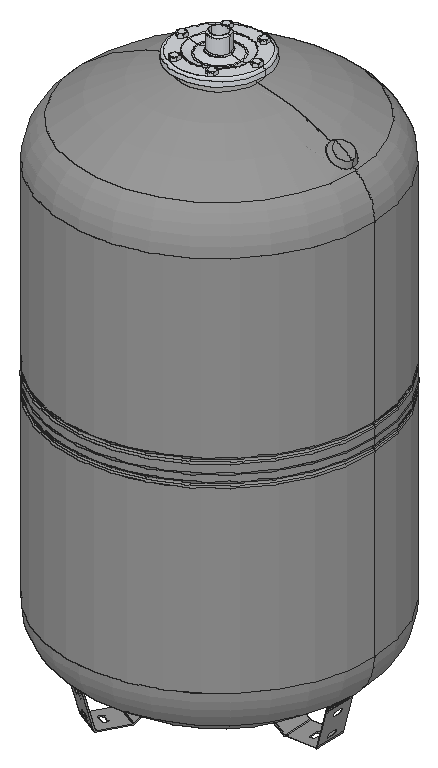
Revit family "WRV 150", category Оборудование, Revit 2014
Parameters
  Описание = "Мембранный бак для отопления V=150л, Py=5бар, 1\""
  Материал крышки = Черная резина
  Материал = Красная краска
  Масса кг = "17.2"
  Крышка [instance] = yes
  Комментарии к типоразмеру = "WRV 150"
  Изготовитель = "WESTER"  # constant formula
  URL = "http://www.wester.su/"
Reference planes
  plane 1 "По центру (Вперед/Назад)": y = 0
  plane 2: z = 0
  plane 3 "По центру (Влево/Вправо)": x = 0
Forms (mm)
  Revolve 1, solid, material "Красная краска" <- "Материал"
    sketch origin (-161.5, 0, 589.588) x (0, 0, -1) y (1, 0, 0)
      loop
        line (444.423, 408.998) -> (152.085, 408.998)
        arc (152.085, 408.998) -> (150.603, 408.601) -> (149.517, 407.515) r 2.965
        arc (149.517, 407.515) -> (147.356, 406.268) -> (145.195, 407.515) r 2.495
        arc (145.195, 407.515) -> (144.096, 408.601) -> (142.603, 408.998) r 3.007
        line (142.603, 408.998) -> (132.482, 408.998)
        arc (132.482, 408.998) -> (131.416, 409.332) -> (130.349, 408.998) r 1.869
        line (130.349, 408.998) -> (118.095, 408.998)
        arc (118.095, 408.998) -> (116.602, 408.601) -> (115.503, 407.515) r 3.007
        arc (115.503, 407.515) -> (113.342, 406.268) -> (111.181, 407.515) r 2.495
        arc (111.181, 407.515) -> (110.096, 408.601) -> (108.613, 408.998) r 2.965
        line (108.613, 408.998) -> (-175.723, 408.998)
        arc (-175.723, 408.998) -> (-210.578, 401.001) -> (-238.462, 378.61) r 79.961
        arc (-238.462, 378.61) -> (-283.327, 304.717) -> (-308.842, 222.123) r 352.221
        line (-308.842, 222.123) -> (-321.955, 209.009) -> (-321.955, 161.5) -> (581.778, 161.5) -> (581.778, 184.997)
        arc (581.778, 184.997) -> (559.137, 287.482) -> (507.122, 378.644) r 349.909
        arc (507.122, 378.644) -> (479.253, 401.01) -> (444.423, 408.998) r 79.932
      axis (-321.955, 161.5) -> (581.778, 161.5)
    angle from 0 to 360
  Revolve 2, solid
    sketch origin (0, 0, 644.484) x (1, 0, 0) y (0, 0, 1)
      loop
        line (0, 267.059) -> (69.996, 267.059) -> (69.996, 268.559) -> (73.753, 268.559) -> (73.151, 275.443)
        arc (73.151, 275.443) -> (71.956, 278.131) -> (69.36, 279.516) r 4.524
        line (69.36, 279.516) -> (48.486, 279.516)
        arc (48.486, 279.516) -> (47.948, 279.469) -> (47.425, 279.329) r 3.112
        line (47.425, 279.329) -> (35.297, 275.272)
        arc (35.297, 275.272) -> (34.006, 275.061) -> (32.715, 275.272) r 4.069
        line (32.715, 275.272) -> (19.199, 279.345)
        arc (19.199, 279.345) -> (18.587, 279.478) -> (17.962, 279.515) r 4.016
        arc (17.962, 279.515) -> (17.646, 280.767) -> (16.627, 281.561) r 1.989
        line (16.627, 281.561) -> (16.627, 305.062) -> (14.134, 307.555) -> (13.354, 307.555) -> (13.354, 279.516) -> (0, 279.516) -> (0, 267.059)
      axis (0, 307.555) -> (0, 267.059)
    angle from 0 to 360
  Revolve 3, solid
    sketch origin (-180.397, 0, 297.854) x (0.824126, 0, -0.566406) y (0.566406, 0, 0.824126)
      loop
        line (-3.985, 668.015) -> (-3.985, 656.503) -> (-5.516, 656.503) -> (-5.516, 652.003) -> (0, 652.003) -> (0, 665.157) -> (-1.586, 665.157) -> (-2.15, 665.72) -> (-2.15, 669.003) -> (-2.997, 669.003) -> (-3.985, 668.015)
      axis (0, 669.003) -> (0, 652.003)
    angle from 0 to 360
  Revolve 4, solid, material "Черная резина" <- "Материал крышки", visible <- "Крышка"
    sketch origin (-180.397, 0, 297.854) x (0.824126, 0, -0.566406) y (0.566406, 0, 0.824126)
      loop
        line (0, 652.003) -> (0, 670.119) -> (-16.18, 670.119) -> (-21.758, 662.442) -> (-7.391, 652.003) -> (0, 652.003)
      axis (0, 670.119) -> (0, 652.003)
    angle from 0 to 360
  Revolve 5, void
    sketch origin (448.019, 0, 781.506) x (-0.430511, 0, 0.902585) y (-0.902585, 0, -0.430511)
      loop
        line (153.8, 207.184) -> (147.466, 193.322)
        arc (147.466, 193.322) -> (145.41, 190.073) -> (142.56, 187.491) r 14.244
        line (142.56, 187.491) -> (143.693, 184.471) -> (167.312, 198.108) -> (160.004, 210.765) -> (153.8, 207.184)
      axis (167.312, 198.108) -> (160.004, 210.765)
    angle from 0 to 360
  Extrusion 6, solid, material "Красная краска" <- "Материал"
    sketch origin (0, 0, 0) x (1, 0, 0) y (0, 0, 1)
      loop
        arc (192.133, 62.562) -> (192.393, 63.087) -> (192.833, 63.472) r 1.5
        line (192.833, 63.472) -> (193.702, 63.973) -> (193.103, 65.012) -> (192.234, 64.512)
        arc (192.234, 64.512) -> (191.441, 63.818) -> (190.974, 62.874) r 2.7
        line (190.974, 62.874) -> (190.004, 59.268)
        arc (190.004, 59.268) -> (189.931, 58.347) -> (190.194, 57.46) r 2.532
        arc (190.194, 57.46) -> (190.327, 56.964) -> (190.282, 56.451) r 1.476
        line (190.282, 56.451) -> (175.914, 3.05)
        arc (175.914, 3.05) -> (175.021, 1.716) -> (173.5, 1.2) r 2.5
        line (173.5, 1.2) -> (125.187, 1.2)
        arc (125.187, 1.2) -> (124.385, 1.332) -> (123.667, 1.714) r 2.5
        line (123.667, 1.714) -> (104.898, 16.075)
        arc (104.898, 16.075) -> (104.548, 16.455) -> (104.348, 16.931) r 1.494
        arc (104.348, 16.931) -> (103.975, 17.828) -> (103.317, 18.543) r 2.802
        line (103.317, 18.543) -> (100.61, 20.615)
        arc (100.61, 20.615) -> (99.318, 21.148) -> (97.932, 20.963) r 2.7
        line (97.932, 20.963) -> (97.026, 20.586) -> (97.487, 19.478) -> (98.393, 19.855)
        arc (98.393, 19.855) -> (99.163, 19.958) -> (99.881, 19.662) r 1.5
        line (99.881, 19.662) -> (102.57, 17.604)
        arc (102.57, 17.604) -> (102.955, 17.175) -> (103.179, 16.645) r 1.744
        arc (103.179, 16.645) -> (103.542, 15.798) -> (104.168, 15.122) r 2.709
        line (104.168, 15.122) -> (122.938, 0.761)
        arc (122.938, 0.761) -> (124, 0.196) -> (125.187, 0) r 3.7
        line (125.187, 0) -> (173.5, 0)
        arc (173.5, 0) -> (175.751, 0.763) -> (177.073, 2.739) r 3.7
        line (177.073, 2.739) -> (191.441, 56.14)
        arc (191.441, 56.14) -> (191.515, 57.075) -> (191.248, 57.974) r 2.566
        arc (191.248, 57.974) -> (191.103, 58.517) -> (191.194, 59.071) r 1.338
        line (191.194, 59.071) -> (192.133, 62.562)
    from -24.996 to 25.004
  Extrusion 7, void
    sketch origin (0, 0, 0) x (0, 1, 0) y (0, 0, 1)
      loop
        line (-5.504, 40.466) -> (5.496, 40.466)
        arc (5.496, 40.466) -> (9.998, 44.968) -> (5.496, 49.469) r 4.502
        line (5.496, 49.469) -> (-5.504, 49.469)
        arc (-5.504, 49.469) -> (-10.006, 44.968) -> (-5.504, 40.466) r 4.502
      loop
        line (-5.504, 7.374) -> (5.496, 7.374)
        arc (5.496, 7.374) -> (9.998, 11.876) -> (5.496, 16.377) r 4.502
        line (5.496, 16.377) -> (-5.504, 16.377)
        arc (-5.504, 16.377) -> (-10.006, 11.876) -> (-5.504, 7.374) r 4.502
    from 169.993 to 198.693
  Extrusion 8, void
    sketch origin (0, 0, 0) x (1, 0, 0) y (0, 1, 0)
      loop
        arc (159.5, 5.496) -> (155, 9.996) -> (150.5, 5.496) r 4.5
        line (150.5, 5.496) -> (150.5, -5.504)
        arc (150.5, -5.504) -> (155, -10.004) -> (159.5, -5.504) r 4.5
        line (159.5, -5.504) -> (159.5, 5.496)
    from 0 to 9.185
  Extrusion 9, solid, material "Красная краска" <- "Материал"
    sketch origin (0.003, -0.006, 0) x (-0.5, -0.866025, 0) y (0, 0, 1)
      loop
        arc (192.133, 62.562) -> (192.393, 63.087) -> (192.833, 63.472) r 1.5
        line (192.833, 63.472) -> (193.702, 63.973) -> (193.103, 65.012) -> (192.234, 64.512)
        arc (192.234, 64.512) -> (191.441, 63.818) -> (190.974, 62.874) r 2.7
        line (190.974, 62.874) -> (190.004, 59.268)
        arc (190.004, 59.268) -> (189.931, 58.347) -> (190.194, 57.46) r 2.532
        arc (190.194, 57.46) -> (190.327, 56.964) -> (190.282, 56.451) r 1.476
        line (190.282, 56.451) -> (175.914, 3.05)
        arc (175.914, 3.05) -> (175.021, 1.716) -> (173.5, 1.2) r 2.5
        line (173.5, 1.2) -> (125.187, 1.2)
        arc (125.187, 1.2) -> (124.385, 1.332) -> (123.667, 1.714) r 2.5
        line (123.667, 1.714) -> (104.898, 16.075)
        arc (104.898, 16.075) -> (104.548, 16.455) -> (104.348, 16.931) r 1.494
        arc (104.348, 16.931) -> (103.975, 17.828) -> (103.317, 18.543) r 2.802
        line (103.317, 18.543) -> (100.61, 20.615)
        arc (100.61, 20.615) -> (99.318, 21.148) -> (97.932, 20.963) r 2.7
        line (97.932, 20.963) -> (97.026, 20.586) -> (97.487, 19.478) -> (98.393, 19.855)
        arc (98.393, 19.855) -> (99.163, 19.958) -> (99.881, 19.662) r 1.5
        line (99.881, 19.662) -> (102.57, 17.604)
        arc (102.57, 17.604) -> (102.955, 17.175) -> (103.179, 16.645) r 1.744
        arc (103.179, 16.645) -> (103.542, 15.798) -> (104.168, 15.122) r 2.709
        line (104.168, 15.122) -> (122.938, 0.761)
        arc (122.938, 0.761) -> (124, 0.196) -> (125.187, 0) r 3.7
        line (125.187, 0) -> (173.5, 0)
        arc (173.5, 0) -> (175.751, 0.763) -> (177.073, 2.739) r 3.7
        line (177.073, 2.739) -> (191.441, 56.14)
        arc (191.441, 56.14) -> (191.515, 57.075) -> (191.248, 57.974) r 2.566
        arc (191.248, 57.974) -> (191.103, 58.517) -> (191.194, 59.071) r 1.338
        line (191.194, 59.071) -> (192.133, 62.562)
    from -24.996 to 25.004
  Extrusion 10, solid, material "Красная краска" <- "Материал"
    sketch origin (-0.003, -0.006, 0) x (-0.5, 0.866025, 0) y (0, 0, 1)
      loop
        arc (192.133, 62.562) -> (192.393, 63.087) -> (192.833, 63.472) r 1.5
        line (192.833, 63.472) -> (193.702, 63.973) -> (193.103, 65.012) -> (192.234, 64.512)
        arc (192.234, 64.512) -> (191.441, 63.818) -> (190.974, 62.874) r 2.7
        line (190.974, 62.874) -> (190.004, 59.268)
        arc (190.004, 59.268) -> (189.931, 58.347) -> (190.194, 57.46) r 2.532
        arc (190.194, 57.46) -> (190.327, 56.964) -> (190.282, 56.451) r 1.476
        line (190.282, 56.451) -> (175.914, 3.05)
        arc (175.914, 3.05) -> (175.021, 1.716) -> (173.5, 1.2) r 2.5
        line (173.5, 1.2) -> (125.187, 1.2)
        arc (125.187, 1.2) -> (124.385, 1.332) -> (123.667, 1.714) r 2.5
        line (123.667, 1.714) -> (104.898, 16.075)
        arc (104.898, 16.075) -> (104.548, 16.455) -> (104.348, 16.931) r 1.494
        arc (104.348, 16.931) -> (103.975, 17.828) -> (103.317, 18.543) r 2.802
        line (103.317, 18.543) -> (100.61, 20.615)
        arc (100.61, 20.615) -> (99.318, 21.148) -> (97.932, 20.963) r 2.7
        line (97.932, 20.963) -> (97.026, 20.586) -> (97.487, 19.478) -> (98.393, 19.855)
        arc (98.393, 19.855) -> (99.163, 19.958) -> (99.881, 19.662) r 1.5
        line (99.881, 19.662) -> (102.57, 17.604)
        arc (102.57, 17.604) -> (102.955, 17.175) -> (103.179, 16.645) r 1.744
        arc (103.179, 16.645) -> (103.542, 15.798) -> (104.168, 15.122) r 2.709
        line (104.168, 15.122) -> (122.938, 0.761)
        arc (122.938, 0.761) -> (124, 0.196) -> (125.187, 0) r 3.7
        line (125.187, 0) -> (173.5, 0)
        arc (173.5, 0) -> (175.751, 0.763) -> (177.073, 2.739) r 3.7
        line (177.073, 2.739) -> (191.441, 56.14)
        arc (191.441, 56.14) -> (191.515, 57.075) -> (191.248, 57.974) r 2.566
        arc (191.248, 57.974) -> (191.103, 58.517) -> (191.194, 59.071) r 1.338
        line (191.194, 59.071) -> (192.133, 62.562)
    from -24.996 to 25.004
  Extrusion 11, void
    sketch origin (-0.003, -0.006, 0) x (-0.866025, -0.5, 0) y (0, 0, 1)
      loop
        line (-5.504, 40.466) -> (5.496, 40.466)
        arc (5.496, 40.466) -> (9.998, 44.968) -> (5.496, 49.469) r 4.502
        line (5.496, 49.469) -> (-5.504, 49.469)
        arc (-5.504, 49.469) -> (-10.006, 44.968) -> (-5.504, 40.466) r 4.502
      loop
        line (-5.504, 7.374) -> (5.496, 7.374)
        arc (5.496, 7.374) -> (9.998, 11.876) -> (5.496, 16.377) r 4.502
        line (5.496, 16.377) -> (-5.504, 16.377)
        arc (-5.504, 16.377) -> (-10.006, 11.876) -> (-5.504, 7.374) r 4.502
    from 169.993 to 198.693
  Extrusion 12, void
    sketch origin (-0.003, -0.006, 0) x (-0.5, 0.866025, 0) y (-0.866025, -0.5, 0)
      loop
        arc (159.5, 5.496) -> (155, 9.996) -> (150.5, 5.496) r 4.5
        line (150.5, 5.496) -> (150.5, -5.504)
        arc (150.5, -5.504) -> (155, -10.004) -> (159.5, -5.504) r 4.5
        line (159.5, -5.504) -> (159.5, 5.496)
    from 0 to 7.81
  Extrusion 13, void
    sketch origin (0.003, -0.006, 0) x (0.866025, -0.5, 0) y (0, 0, 1)
      loop
        line (-5.504, 40.466) -> (5.496, 40.466)
        arc (5.496, 40.466) -> (9.998, 44.968) -> (5.496, 49.469) r 4.502
        line (5.496, 49.469) -> (-5.504, 49.469)
        arc (-5.504, 49.469) -> (-10.006, 44.968) -> (-5.504, 40.466) r 4.502
      loop
        line (-5.504, 7.374) -> (5.496, 7.374)
        arc (5.496, 7.374) -> (9.998, 11.876) -> (5.496, 16.377) r 4.502
        line (5.496, 16.377) -> (-5.504, 16.377)
        arc (-5.504, 16.377) -> (-10.006, 11.876) -> (-5.504, 7.374) r 4.502
    from 169.993 to 198.693
  Extrusion 14, void
    sketch origin (0.003, -0.006, 0) x (-0.5, -0.866025, 0) y (0.866025, -0.5, 0)
      loop
        arc (159.5, 5.496) -> (155, 9.996) -> (150.5, 5.496) r 4.5
        line (150.5, 5.496) -> (150.5, -5.504)
        arc (150.5, -5.504) -> (155, -10.004) -> (159.5, -5.504) r 4.5
        line (159.5, -5.504) -> (159.5, 5.496)
    from 0 to 7.81
Cuts and joins
  Revolve 5, Extrusion 11, Extrusion 12, Extrusion 14 cuts Revolve 1
  Extrusion 7, Extrusion 8 cuts Extrusion 6
  Extrusion 11, Extrusion 12, Extrusion 13 cuts Extrusion 10
  Extrusion 13, Extrusion 14 cuts Extrusion 9
Dimensions and locks
  aligned and locked: level to plane 2
Nested families
  nested 1: "Болт" at (30, -51.954, 924) x (0, 1, 0) z (0, 0, 1), type "Болт"
  nested 2: "Болт" at (59.993, 0, 924) x (0, 1, 0) z (0, 0, 1), type "Болт"
  nested 3: "Болт" at (29.993, 51.958, 924) x (0, 1, 0) z (0, 0, 1), type "Болт"
  nested 4: "Болт" at (-60, 0, 924) x (0, 1, 0) z (0, 0, 1), type "Болт"
  nested 5: "Болт" at (-30, 51.958, 924) x (0, 1, 0) z (0, 0, 1), type "Болт"
  nested 6: "Болт" at (-29.987, -51.954, 924) x (0, 1, 0) z (0, 0, 1), type "Болт"
Connectors
  piping at (0, 0, 952.039), diameter 25
    settings: on Revolve 2, index 1, connector inside diameter 609.6 mm, connector length 0 mm, flow factor 0, pipe flow 0.0 L/s, pressure drop 0.0 Pa, fitting loss kfactor 0, connector angle 0.00°, fixture units 0, engagement length 0 mm, angle of deflection 0.00°, flow configuration 1, flow direction 0, fitting loss method 0, system type 29, joint type 0, gender type 0, connector reference index -1, connector utility 0, adjustable connector no, is connector primary yes, connector description ""
Definition of nested family "Болт"
  Parameters (values of type "Болт")
    Default Elevation = 1219.2 mm
  Reference planes
    plane 1 "По центру (Вперед/Назад)": y = 0
    plane 2: z = 0
    plane 3 "По центру (Влево/Вправо)": x = 0
  Forms (mm)
    Extrusion 1, solid
      sketch origin (0, 0, 0) x (1, 0, 0) y (0, 1, 0)
        loop
          line (-1219.2, 1219.2) -> (-1219.2, -1219.2) -> (1219.2, -1219.2) -> (1219.2, 1219.2) -> (-1219.2, 1219.2)
      from 0 to -304.8
    Extrusion 2, solid, detail levels medium+fine
      sketch origin (0, 0, 0) x (0, 1, 0) y (-1, 0, 0)
        loop
          line (-6.5, -3.753) -> (0, -7.506) -> (6.5, -3.753) -> (6.5, 3.753) -> (0, 7.506) -> (-6.5, 3.753) -> (-6.5, -3.753)
      from 0 to 5.3
    Extrusion 3, solid, detail levels medium+fine
      sketch origin (0, 0, 0) x (1, 0, 0) y (0, 1, 0)
        loop
          circle (0, 0) r 4
      from -14 to 0
    Revolve 4, void
      sketch origin (0, 0, 0) x (1, 0, 0) y (0, 0, 1)
        loop
          line (-7.506, 4.447) -> (-6.413, 5.3) -> (-7.506, 5.3) -> (-7.506, 4.447)
        axis (0, 5.3) -> (0, 4.3)
      angle from 0 to 360
    Revolve 5, void
      sketch origin (0, 0, 0) x (1, 0, 0) y (0, 0, 1)
        loop
          line (-4, -14) -> (-2.365, -14) -> (-4, -12.365) -> (-4, -14)
        axis (0, -12.365) -> (0, -14)
      angle from 0 to 360
  Cuts and joins
    Revolve 4 cuts Extrusion 2
    Revolve 5 cuts Extrusion 3
    joined: Extrusion 2, Extrusion 3
  Dimensions and locks
    aligned and locked: plane 2 to Extrusion 1
    aligned and locked: level to Extrusion 1
    aligned and locked: Revolve 4 sketch curve to plane 3 "По центру (Влево/Вправо)"
    aligned and locked: cut or joined group of Extrusion 2, Extrusion 3, Revolve 4, Revolve 5 to Revolve 4 sketch curve
